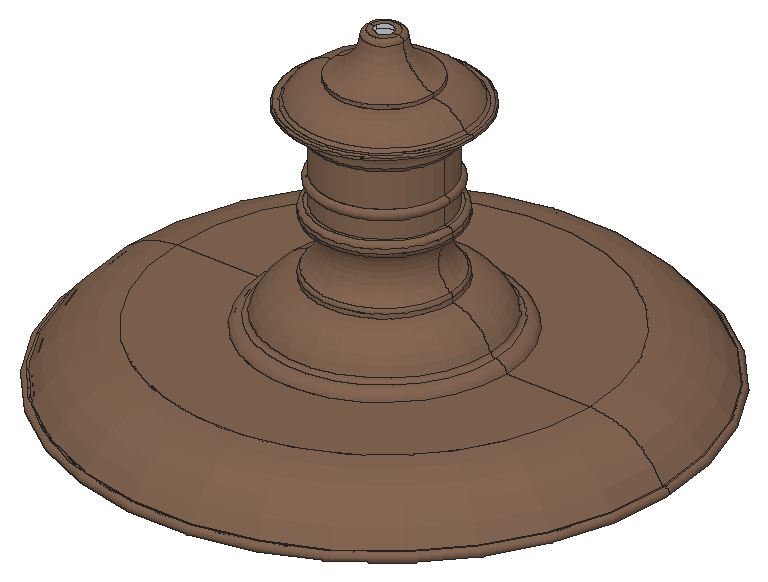
Revit family "TAN16 SHADE", category Lighting Fixtures, Revit 2024
Family settings
  Round Connector Dimension = Use Diameter
  Part Type = Normal
  OmniClass Number = 23.80.70.00
  OmniClass Title = Lighting
  Work Plane-Based = No
  Always vertical = Yes
  Cut with Voids When Loaded = No
  Light Source = Yes
  Maintain Annotation Orientation = No
  Shared = No
  Room Calculation Point = No
Parameters
  Wattage = 12.1178 W
  built-in parameter 1150110 = 1 (stored number, unit not read)
  built-in parameter 1114217 = 1 (stored number, unit not read)
  built-in parameter 1150109 = 1 (stored number, unit not read)
  built-in parameter 1150134 = (empty or 0)
  built-in parameter 1150113 = 1 (stored number, unit not read)
  Lumens = 1800 lm
  built-in parameter 1150115 = 1 (stored number, unit not read)
  built-in parameter 1150105 = 572.96 (stored number, unit not read)
  Light Source Symbol Size = 2' - 0"
  built-in parameter 1150137 = (empty or 0)
  built-in parameter 1150139 = (empty or 0)
  built-in parameter 1150112 = 1 (stored number, unit not read)
  built-in parameter 1150114 = 1 (stored number, unit not read)
  built-in parameter 1150132 = 2
  built-in parameter 1150102 = (empty or 0)
  built-in parameter 1150138 = (empty or 0)
  built-in parameter 1150107 = 3000 (stored number, unit not read)
  built-in parameter 1150106 = 5.7296 (stored number, unit not read)
  built-in parameter 1150104 = 13.8 (stored number, unit not read)
  Dimming Lamp Color Temperature Shift = (empty or 0)
  Default Elevation = 0' - 0"
  Color Filter = 16777215
  built-in parameter 1114218 = 1 (stored number, unit not read)
  built-in parameter 1150133 = 10 (stored number, unit not read)
Reference planes (in)
  plane 1 "Light Source Axis (F/B)": y = 0
  plane 2: z = 0
  plane 3 "Light Source Axis (L/R)": x = 0
  plane 4 "Light Source Elevation": z = 54
Forms (in)
  Revolve 1, solid
    sketch origin (0, 0, 0) x (1, 0, 0) y (0, 0, 1)
      loop
        arc (-7.76342, 54.18134) -> (-6.9585, 55.07582) -> (-5.81248, 55.44272) r 2.30478
        line (-5.81248, 55.44272) -> (-3.35107, 55.44272)
        arc (-3.35107, 55.44272) -> (-3.29646, 55.62068) -> (-3.12476, 55.69258) r 0.21934
        arc (-3.12476, 55.69258) -> (-2.97861, 55.74058) -> (-2.9001, 55.87286) r 0.21897
        arc (-2.9001, 55.87286) -> (-2.48828, 56.4543) -> (-1.81968, 56.70055) r 1.20228
        line (-1.81968, 56.70055) -> (-1.81968, 56.90052)
        arc (-1.81968, 56.90052) -> (-1.81524, 56.92188) -> (-1.80265, 56.93971) r 0.05362
        arc (-1.80265, 56.93971) -> (-1.42861, 57.65224) -> (-1.7792, 58.3766) r 0.89359
        arc (-1.7792, 58.3766) -> (-1.80743, 58.38476) -> (-1.81968, 58.41147) r 0.03526
        line (-1.81968, 58.41147) -> (-1.81968, 58.53647)
        arc (-1.81968, 58.53647) -> (-1.81052, 58.55857) -> (-1.78843, 58.56772) r 0.03125
        line (-1.78843, 58.56772) -> (-1.59827, 58.56772) -> (-1.59827, 59.16147) -> (-1.69202, 59.25522)
        arc (-1.69202, 59.25522) -> (-1.72327, 59.28647) -> (-1.69202, 59.31772) r 0.03125
        line (-1.69202, 59.31772) -> (-1.59827, 59.41147) -> (-1.59827, 60.41147) -> (-1.70922, 60.50363)
        arc (-1.70922, 60.50363) -> (-1.73791, 60.50883) -> (-1.75587, 60.5318) r 0.04096
        arc (-1.75587, 60.5318) -> (-1.90032, 60.91123) -> (-2.22526, 61.15466) r 0.72938
        arc (-2.22526, 61.15466) -> (-2.19714, 61.18186) -> (-2.17131, 61.21124) r 0.48509
        arc (-2.17131, 61.21124) -> (-1.78829, 61.55724) -> (-1.28099, 61.65254) r 0.9522
        line (-1.28099, 61.65254) -> (-1.28099, 61.78224)
        arc (-1.28099, 61.78224) -> (-0.69385, 62.19122) -> (-0.43498, 62.85829) r 1.22607
        arc (-0.43498, 62.85829) -> (-0.42536, 62.88536) -> (-0.39901, 62.8968) r 0.03605
        line (-0.39901, 62.8968) -> (-0.25, 62.8968) -> (-0.25, 62.99055) -> (-0.39901, 62.99055)
        arc (-0.39901, 62.99055) -> (-0.4908, 62.95253) -> (-0.52882, 62.86075) r 0.1298
        arc (-0.52882, 62.86075) -> (-0.79029, 62.22117) -> (-1.37474, 61.85261) r 1.13232
        line (-1.37474, 61.85261) -> (-1.37474, 61.75)
        arc (-1.37474, 61.75) -> (-1.87249, 61.6189) -> (-2.24744, 61.26626) r 1.04595
        arc (-2.24744, 61.26626) -> (-2.28638, 61.22577) -> (-2.33072, 61.19127) r 0.39134
        line (-2.33072, 61.19127) -> (-2.45429, 61.19127)
        arc (-2.45429, 61.19127) -> (-2.4849, 61.17859) -> (-2.49758, 61.14797) r 0.0433
        line (-2.49758, 61.14797) -> (-2.49758, 61.09388) -> (-2.35008, 61.09388)
        arc (-2.35008, 61.09388) -> (-2.00311, 60.88928) -> (-1.84878, 60.51721) r 0.63563
        arc (-1.84878, 60.51721) -> (-1.79207, 60.43221) -> (-1.69202, 60.41147) r 0.13471
        line (-1.69202, 60.41147) -> (-1.69202, 59.41147)
        arc (-1.69202, 59.41147) -> (-1.81702, 59.28647) -> (-1.69202, 59.16147) r 0.125
        line (-1.69202, 59.16147) -> (-1.69202, 58.66147) -> (-1.78843, 58.66147)
        arc (-1.78843, 58.66147) -> (-1.87682, 58.62486) -> (-1.91343, 58.53647) r 0.125
        line (-1.91343, 58.53647) -> (-1.91343, 58.41147)
        arc (-1.91343, 58.41147) -> (-1.8863, 58.33233) -> (-1.81633, 58.28647) r 0.12901
        arc (-1.81633, 58.28647) -> (-1.52273, 57.63891) -> (-1.86079, 57.01341) r 0.79984
        arc (-1.86079, 57.01341) -> (-1.89962, 56.9628) -> (-1.91343, 56.90052) r 0.14737
        line (-1.91343, 56.90052) -> (-1.91343, 56.78647)
        arc (-1.91343, 56.78647) -> (-2.58314, 56.49859) -> (-2.99154, 55.89476) r 1.29603
        arc (-2.99154, 55.89476) -> (-3.03516, 55.81544) -> (-3.12086, 55.78625) r 0.12522
        arc (-3.12086, 55.78625) -> (-3.32665, 55.72015) -> (-3.44057, 55.53647) r 0.31309
        line (-3.44057, 55.53647) -> (-5.8146, 55.53647)
        arc (-5.8146, 55.53647) -> (-6.99605, 55.16313) -> (-7.83354, 54.25) r 2.39853
        line (-7.83354, 54.25) -> (-7.875, 54.25)
        arc (-7.875, 54.25) -> (-7.94051, 54.01854) -> (-7.76342, 54.18134) r 0.125
      axis (0, 62.99055) -> (0, 54.18134)
    angle from 0 to 360
Dimensions and locks (in)
  aligned and locked: plane 3 "Light Source Axis (L/R)" to imposter light
  aligned and locked: plane 1 "Light Source Axis (F/B)" to imposter light
  aligned and locked: plane 4 "Light Source Elevation" to imposter light
  aligned and locked: level to plane 2
